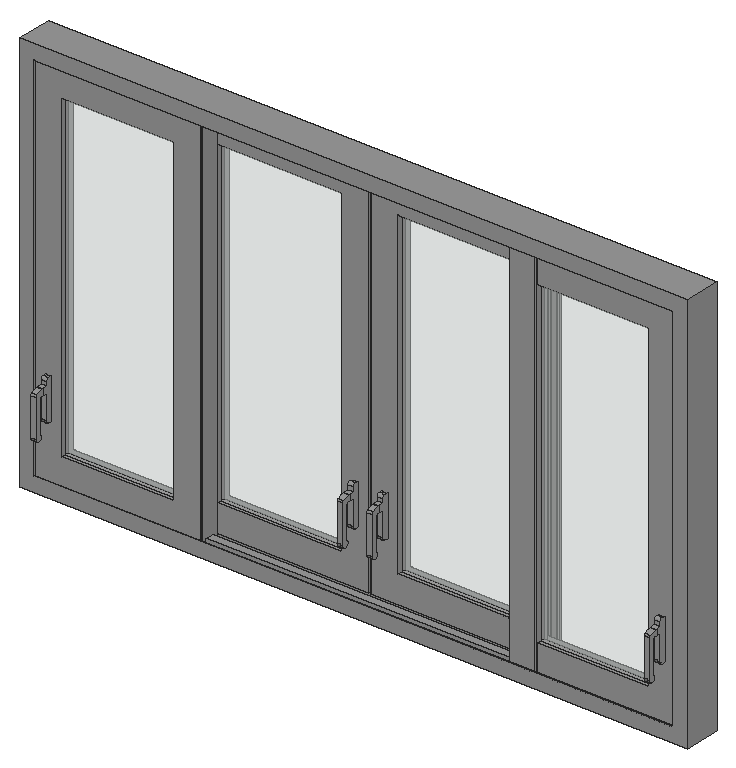
Revit family "2015_Ventana_Alugom_Matra-135RPT_Corredera-4-Hojas_JGJGJGJGJGGJG", category Ventanas, Revit 2015
Parameters (values of type "2460x1480 mm Corredera")
  𝑙𝑔 P2 = 0
  𝑙𝑔 P1 = 0
  𝑈𝑤 = 0
  𝑈𝑔 V2 = 0
  𝑈𝑔 V1 = 0
  𝑈𝑓 P2 = 0
  𝑈𝑓 P1 = 0
  𝐴𝑔 V2 = 0
  𝐴𝑔 V1 = 0
  𝐴𝑓 P2 = 0
  𝐴𝑓 P1 = 0
  a = 0
  Y𝑔 P2 = 0
  Y𝑔 P1 = 0
  VidaUtilEsperada = ""
  VersionElementoBIM = "1.0"  # constant formula
  UnidadMedicion = ""
  UnidadMantenimiento = ""
  Unidad = ""
  Uniclass2.0Titulo = "Accessible openings: Doors and hatches, French windows, sliding wall windows."  # constant formula
  Uniclass2.0Codigo = "30-00-00"  # constant formula
  URLProducto = ""
  UNSPSCTitulo = "Horizontal slider windows"  # constant formula
  UNSPSCCodigo = "30-17-16-07"  # constant formula
  TransmitanciaTermica = 3.7000 W/(m²·K)
  TrabajoMantenimiento = ""
  TipoEmbalajeProteccion = ""
  TiempoMedioEntreFallos = ""
  TelefonoContacto = "+34 91 616 47 27"  # constant formula
  SalidaEmergencia = yes
  ResistenciaFuego = ""
  ResistenciaAlViento = "Clase C5"  # constant formula
  ResiduosPeligrososPorUnidad = 0
  ResiduosPeligrosos = 0
  ResiduosNoPeligrososPorUnidad = 0
  ResiduosNoPeligrosos = 0
  ResiduoRadioactivoPorUnidad = 0
  ResiduoRadioactivo = 0
  ResiduoInertePorUnidad = 0
  ResiduoInerte = 0
  RepisaInterior = yes
  RepisaExterior = yes
  ReferenciaUnidadFuncional = ""
  ReferenciaLote = ""
  ReferenciaContacto = "Alugom"  # constant formula
  Referencia = ""
  PuntoDeContacto = ""
  Practicable = no
  Poliamida = Poliamida, Technoform Bautec, PA66 GF 25
  PermeabilidadAlAire = "Clase 3"  # constant formula
  PeriodoGarantia = ""
  Perimetro = (Anchura / 1.00 mm * 2) + (Altura / 1.00 mm * 2)  # 7880
  Oscilobatiente = no
  Operación = "Corredera"
  OmniclassTitulo = "Horizontal Sliding Windows"  # constant formula
  OmniclassCodigo = "23.30.20.17.14.14"  # constant formula
  NumeroSerie = ""
  NumeroArticuloGlobalComercial = ""
  NumeroArticulo = ""
  NormativaMantenimiento = ""
  NivelSeguridad = ""
  Motorizada = no
  Modelo = "Serie Martra 135RPT"  # constant formula
  MaterialEnvase = ""
  MaterialContenedor = ""
  MateriaPrima = 0
  MasterformatTitulo = "Aluminum Windows"  # constant formula
  MasterformatCodigo = "08 51 13"  # constant formula
  MasaSuperficialKgm2 = 0
  Marco = Aluminio
  Manija = yes
  LugarEnsamblaje = ""
  InstruccionesEspeciales = ""
  InformacionTecnica = ""
  IndiceGlobalRedAcusticaTr = "32 dBA"
  IndiceGlobalRedAcustica = ""
  IdentificadorGarantia = ""
  IFCClasificacion = ""
  GrosorMarco = 135.00 mm  # constant formula
  GrosorAcristalamiento = 22.00 mm  # constant formula
  GarantiaExtendida = ""
  FrecuenciaMantenimiento = ""
  FraccionAreaAcristalamiento = 0.00%
  FormacionFotoquimicaOzonoPorUnidad = 0
  FormacionFotoquimicaOzono = 0
  FechaVencimientoElementoBIM = "01/09/2017"  # constant formula
  FechaInstalacion = ""
  FechaInicioGarantia = ""
  FechaFinGarantia = ""
  FechaEvaluacion = ""
  FechaEmisionElementoBIM = "01/09/2016"  # constant formula
  FechaCompra = ""
  FaseCicloVida = ""
  FaltaDeRecursosPorUnidad = 0
  FaltaDeRecursos = 0
  FactorSombra = 0
  FactorSolarModificado = 30000000
  Fabricante = "Grupo ALUGOM"  # constant formula
  Exclusiones = ""
  EutrofizacionPorUnidad = 0
  Eutrofizacion = 0
  EtiquetaModelo = ""
  EstanqueidadAgua = "Clase 8A"  # constant formula
  Estado = ""
  EnergiaRenovableConsumidaPorUnidad = 0
  EnergiaRenovableConsumida = 0
  EnergiaPrimariaTotalConsumidaPorUnidad = 0
  EnergiaPrimariaTotalConsumida = 0
  EnergiaNoRenovableConsumidaPorUnidad = 0
  EnergiaNoRenovableConsumida = 0
  EmisionCO2 = 0
  EmailContacto = "alugom@alugom.com"  # constant formula
  DuracionVidaUtil = ""
  Detalle Perfileria = yes
  DestruccionCapaOzonoEstratosfericaPorUnidad = 0
  DestruccionCapaOzonoEstratosferica = 0
  DesfaseInterior = 0.00 mm
  DesfaseExterior = 0.00 mm
  Descripción = "Ventana Corredera"
  DescripcionEvaluacion = ""
  CosteMantenimiento = 0
  CosteEnergeticoMj = 0 J
  CosteEnergeticoKwh = 0
  Corredera = yes
  ControlHumos = no
  ContenidoGarantia = ""
  ConfiguracionPoliamidas = "215600 - 955100"  # constant formula
  CondicionesMantenimiento = ""
  CondicionesGeneralesDeContratacion = ""
  CondicionesEvaluacion = ""
  Comentarios de tipo = "Sistema de Ventana de 4 Hojas Rotura de Puente Térmico Serie Martra 135RPT Corredera"
  CodigoBedec = ""
  CodigoBarras = ""
  CertificadoMantenimiento = ""
  CerramientoExterior = yes
  CambioClimaticoPorUnidad = 0
  CambioClimatico = 0
  COBieCategoria = ""
  Aperturas Oscilobatiente [instance] = if(and(Aperturas, Oscilobatiente), 1 = 1, 1 = 0)  # no
  Aperturas [instance] = yes
  Anchura Real = if(Anchura > Anchura Máxima, Anchura Máxima, Anchura)  # 2460.00 mm
  Anchura Máxima = 4000.00 mm
  AnchoMarcoCentral = 108.00 mm  # constant formula
  AnchoMarco = 147.00 mm  # constant formula
  Altura Real = if(Altura > Altura Máxima, Altura Máxima, Altura)  # 1480.00 mm
  Altura Máxima = 2500.00 mm
  Altura = 1480.00 mm
  Bimetica = "http://www.bimetica.com"
  AñoProduccion = ""
  Autor = "Bimetica Parametric Design Services, S.L."  # constant formula
  Area = (Altura Real * Anchura Real)  # 3640800.00 mm²
  Altura de antepecho por defecto = 800.00 mm
  Cierre de muro = Por anfitrión
  Anchura = 2460.00 mm
  AguaConsumidaPorUnidad = 0
  AguaConsumida = 0
  Acristalamiento = Cristal - Vidrio claro templado
  AcidificacionAtmosfericaPorUnidad = 0
  AcidificacionAtmosferica = 0
  Acabado = ""
Reference planes
  plane 1 "Centro (Frontal/Posterior)": y = 35
  plane 2 "Centro (Izquierda/Derecha)": x = 0
  plane 3 "Izquierda": x = -1230
  plane 4 "Derecha": x = 1230
  plane 5 "Antepecho": z = 800
  plane 6 "Extremo inicial": z = 2280
  plane 7 "Interior": y = -100
  plane 8 "ASDAS": y = -100
  plane 9: x = -615
  plane 10: x = 615
Forms (mm)
  Sweep 1, solid, material "Aluminio" <- "Marco"
    path origin (0, -100, 0) x (1, 0, 0) y (0, 0, 1)
      loop
        line (1230, 800) -> (1230, 2280) -> (-1230, 2280) -> (-1230, 800) -> (1230, 800)
    profile origin (1230, -100, 1540) x (-1, 0, 0) y (0, -1, 0)
      loop
        line (56.001, -84.75) -> (45.2, -84.75) -> (45.2, -89.248) -> (25.9, -89.248) -> (25.9, -45.753) -> (45.2, -45.753) -> (45.2, -50.252) -> (56.001, -50.252) -> (56.001, -17.252) -> (45.2, -17.252) -> (45.2, -21.75) -> (25.9, -21.75) -> (25.9, -3.35) -> (53.001, -3.35) -> (53.001, 0) -> (0, 0) -> (0, -134.975) -> (23.234, -134.975)
        arc (23.234, -134.975) -> (25.284, -124.201) -> (25.9, -113.251) r 83.285
        line (25.9, -113.251) -> (45.2, -113.251) -> (45.2, -117.75) -> (56.001, -117.75) -> (56.001, -84.75)
  Sweep 2, solid, material "Aluminio" <- "Marco"
    path origin (0, -100, 0) x (1, 0, 0) y (0, 0, 1)
      loop
        line (-1230, 800) -> (-522, 800) -> (-522, 2280) -> (-1230, 2280) -> (-1230, 800)
    profile origin (-1230, -100, 1540) x (-1, 0, 0) y (0, -1, 0)
      loop
        line (-133.052, -31.502) -> (-133.052, -53.502) -> (-151.834, -53.502) -> (-147.002, -58.565) -> (-147.002, -60.252) -> (-47.001, -60.252) -> (-47.001, -54.589) -> (-51.337, -50.252) -> (-56.001, -50.252) -> (-56.001, -17.252) -> (-51.337, -17.252) -> (-47.001, -12.915) -> (-47.001, -7.251) -> (-147.002, -7.251) -> (-147.002, -23.77) -> (-151.834, -31.502) -> (-133.052, -31.502)
  Sweep 3, solid, material "Aluminio" <- "Marco"
    path origin (0, -100, 0) x (1, 0, 0) y (0, 0, 1)
      loop
        line (42.57, 800) -> (42.57, 2280) -> (-708, 2280) -> (-708, 800) -> (42.57, 800)
    profile origin (42.57, -100, 1540) x (-1, 0, 0) y (0, -1, 0)
      loop
        line (133.052, -120.999) -> (133.052, -98.999) -> (151.834, -98.999) -> (147.002, -91.267) -> (147.002, -74.748) -> (47.001, -74.748) -> (47.001, -80.411) -> (51.337, -84.748) -> (56.001, -84.748) -> (56.001, -117.748) -> (51.337, -117.748) -> (47.001, -122.085) -> (47.001, -127.749) -> (147.002, -127.749) -> (147.002, -126.062) -> (151.834, -120.999) -> (133.052, -120.999)
  Extrusion 4, solid, material "Aluminio" <- "Marco"
    sketch origin (0, 0, 800) x (0, -1, 0) y (1, 0, 0)
      loop
        line (-27.749, -660.999) -> (-27.749, -669.001) -> (33.752, -669.001) -> (33.752, -628.153) -> (39.748, -628.153) -> (39.748, -569.001) -> (92.749, -569.001) -> (92.749, -560.999) -> (31.248, -560.999) -> (31.248, -601.847) -> (25.252, -601.847) -> (25.252, -660.999) -> (-27.749, -660.999)
      loop
        line (-27.749, 569.001) -> (-27.749, 560.999) -> (33.752, 560.999) -> (33.752, 601.847) -> (39.748, 601.847) -> (39.748, 660.999) -> (92.749, 660.999) -> (92.749, 669.001) -> (31.248, 669.001) -> (31.248, 628.153) -> (25.252, 628.153) -> (25.252, 569.001) -> (-27.749, 569.001)
      loop
        line (-17.749, 4.427) -> (-27.749, 4.427) -> (-27.749, 1.572) -> (-17.749, 1.572) -> (-17.749, -13.431) -> (15.252, -13.431) -> (15.252, 1.572) -> (25.252, 1.572) -> (25.252, 4.427) -> (15.251, 4.427) -> (15.251, 13.427) -> (-17.749, 13.427) -> (-17.749, 4.427)
    from 47.001 to 1432.999
  Extrusion 5, solid, material "Cristal - Vidrio claro templado" <- "Acristalamiento"
    sketch origin (0, 0, 800) x (0, -1, 0) y (1, 0, 0)
      loop
        line (46.498, -1096.948) -> (68.498, -1096.948) -> (68.498, -655.052) -> (46.498, -655.052) -> (46.498, -1096.948)
      loop
        line (1.001, -574.948) -> (1.001, -90.482) -> (-20.999, -90.482) -> (-20.999, -574.948) -> (1.001, -574.948)
      loop
        line (46.498, 1096.948) -> (46.498, 655.052) -> (68.498, 655.052) -> (68.498, 1096.948) -> (46.498, 1096.948)
      loop
        line (1.001, 574.948) -> (-20.999, 574.948) -> (-20.999, 90.482) -> (1.001, 90.482) -> (1.001, 574.948)
    from 133.05 to 1346.95
  Extrusion 6, solid, material "Aluminio" <- "Marco", visible <- "Manija", detail levels fine
    sketch origin (-1230, 0, 100) x (0, -1, 0) y (0, 0, 1)
      loop
        line (92.749, 950) -> (102.749, 950)
        arc (102.749, 950) -> (109.82, 952.929) -> (112.749, 960) r 10
        line (112.749, 960) -> (112.749, 1050.581) -> (130.875, 1053.452) -> (130.875, 1073.452) -> (112.749, 1076.323) -> (112.749, 1090)
        arc (112.749, 1090) -> (109.82, 1097.071) -> (102.749, 1100) r 10
        line (102.749, 1100) -> (92.749, 1100) -> (92.749, 950)
    from -110 to -90
  Extrusion 7, solid, material "Aluminio" <- "Marco", visible <- "Manija", detail levels fine
    sketch origin (-1230, 0, 100) x (0, -1, 0) y (0, 0, 1)
      loop
        line (130.875, 1053.452) -> (140.875, 1053.452)
        arc (140.875, 1053.452) -> (144.411, 1051.988) -> (145.875, 1048.452) r 5
        line (145.875, 1048.452) -> (145.875, 927.519)
        arc (145.875, 927.519) -> (145.254, 909.55) -> (160.875, 918.452) r 10.295
        line (160.875, 918.452) -> (160.875, 1059.132)
        arc (160.875, 1059.132) -> (159.812, 1062.737) -> (157.221, 1065.461) r 8.011
        arc (157.221, 1065.461) -> (144.411, 1070.651) -> (130.875, 1073.452) r 76.54
        line (130.875, 1073.452) -> (130.875, 1053.452)
    from -90 to -110
  Extrusion 8, solid, material "Aluminio" <- "Marco", visible <- "Manija", detail levels fine
    sketch origin (1230, 67.497, 0) x (0, -1, 0) y (0, 0, 1)
      loop
        line (160.246, 1050) -> (170.246, 1050)
        arc (170.246, 1050) -> (177.317, 1052.929) -> (180.246, 1060) r 10
        line (180.246, 1060) -> (180.246, 1150.581) -> (198.372, 1153.452) -> (198.372, 1173.452) -> (180.246, 1176.323) -> (180.246, 1190)
        arc (180.246, 1190) -> (177.317, 1197.071) -> (170.246, 1200) r 10
        line (170.246, 1200) -> (160.246, 1200) -> (160.246, 1050)
    from 110 to 90
  Extrusion 9, solid, material "Aluminio" <- "Marco", visible <- "Manija", detail levels fine
    sketch origin (1230, 67.497, 0) x (0, -1, 0) y (0, 0, 1)
      loop
        line (198.372, 1153.452) -> (208.372, 1153.452)
        arc (208.372, 1153.452) -> (211.907, 1151.988) -> (213.372, 1148.452) r 5
        line (213.372, 1148.452) -> (213.372, 1027.519)
        arc (213.372, 1027.519) -> (212.751, 1009.55) -> (228.372, 1018.452) r 10.295
        line (228.372, 1018.452) -> (228.372, 1159.132)
        arc (228.372, 1159.132) -> (227.309, 1162.737) -> (224.718, 1165.461) r 8.011
        arc (224.718, 1165.461) -> (211.907, 1170.651) -> (198.372, 1173.452) r 76.54
        line (198.372, 1173.452) -> (198.372, 1153.452)
    from 90 to 110
  Sweep 10, solid, material "Aluminio" <- "Marco"
    path origin (0, -100, 0) x (1, 0, 0) y (0, 0, 1)
      loop
        line (1230, 800) -> (1230, 2280) -> (522, 2280) -> (522, 800) -> (1230, 800)
    profile origin (1230, -100, 1540) x (-1, 0, 0) y (0, -1, 0)
      loop
        line (133.052, -53.502) -> (133.052, -31.502) -> (151.834, -31.502) -> (147.002, -23.77) -> (147.002, -7.251) -> (47.001, -7.251) -> (47.001, -12.915) -> (51.337, -17.252) -> (56.001, -17.252) -> (56.001, -50.252) -> (51.337, -50.252) -> (47.001, -54.589) -> (47.001, -60.252) -> (147.002, -60.252) -> (147.002, -58.565) -> (151.834, -53.502) -> (133.052, -53.502)
  Sweep 11, solid, material "Aluminio" <- "Marco"
    path origin (0, -100, 0) x (1, 0, 0) y (0, 0, 1)
      loop
        line (-42.57, 800) -> (708, 800) -> (708, 2280) -> (-42.57, 2280) -> (-42.57, 800)
    profile origin (-42.57, -100, 1540) x (-1, 0, 0) y (0, -1, 0)
      loop
        line (-133.049, -98.999) -> (-133.049, -120.999) -> (-151.83, -120.999) -> (-146.999, -126.062) -> (-146.999, -127.749) -> (-46.997, -127.749) -> (-46.997, -122.086) -> (-51.334, -117.749) -> (-55.997, -117.749) -> (-55.997, -84.749) -> (-51.334, -84.749) -> (-46.997, -80.412) -> (-46.997, -74.748) -> (-146.999, -74.748) -> (-146.999, -91.267) -> (-151.83, -98.999) -> (-133.049, -98.999)
  Extrusion 12, solid, material "Aluminio" <- "Marco", visible <- "Manija", detail levels fine
    sketch origin (0, 0, 0) x (0, -1, 0) y (0, 0, 1)
      loop
        line (25.252, 1050) -> (35.252, 1050)
        arc (35.252, 1050) -> (42.323, 1052.929) -> (45.252, 1060) r 10
        line (45.252, 1060) -> (45.252, 1150.581) -> (63.378, 1153.452) -> (63.378, 1173.452) -> (45.252, 1176.323) -> (45.252, 1190)
        arc (45.252, 1190) -> (42.323, 1197.071) -> (35.252, 1200) r 10
        line (35.252, 1200) -> (25.252, 1200) -> (25.252, 1050)
    from -64.43 to -44.43
  Extrusion 13, solid, material "Aluminio" <- "Marco", visible <- "Manija", detail levels fine
    sketch origin (0, 0, 0) x (0, -1, 0) y (0, 0, 1)
      loop
        line (63.378, 1153.452) -> (73.378, 1153.452)
        arc (73.378, 1153.452) -> (76.914, 1151.988) -> (78.378, 1148.452) r 5
        line (78.378, 1148.452) -> (78.378, 1027.519)
        arc (78.378, 1027.519) -> (77.757, 1009.55) -> (93.378, 1018.452) r 10.295
        line (93.378, 1018.452) -> (93.378, 1159.132)
        arc (93.378, 1159.132) -> (92.315, 1162.737) -> (89.724, 1165.461) r 8.011
        arc (89.724, 1165.461) -> (76.914, 1170.651) -> (63.378, 1173.452) r 76.54
        line (63.378, 1173.452) -> (63.378, 1153.452)
    from -44.43 to -64.43
  Extrusion 14, solid, material "Aluminio" <- "Marco", visible <- "Manija", detail levels fine
    sketch origin (0, 0, 250) x (0, -1, 0) y (0, 0, 1)
      loop
        line (25.252, 800) -> (35.252, 800)
        arc (35.252, 800) -> (42.323, 802.929) -> (45.252, 810) r 10
        line (45.252, 810) -> (45.252, 900.581) -> (63.378, 903.452) -> (63.378, 923.452) -> (45.252, 926.323) -> (45.252, 940)
        arc (45.252, 940) -> (42.323, 947.071) -> (35.252, 950) r 10
        line (35.252, 950) -> (25.252, 950) -> (25.252, 800)
    from 64.43 to 44.43
  Extrusion 15, solid, material "Aluminio" <- "Marco", visible <- "Manija", detail levels fine
    sketch origin (0, 0, 250) x (0, -1, 0) y (0, 0, 1)
      loop
        line (63.378, 903.452) -> (73.378, 903.452)
        arc (73.378, 903.452) -> (76.914, 901.988) -> (78.378, 898.452) r 5
        line (78.378, 898.452) -> (78.378, 777.519)
        arc (78.378, 777.519) -> (77.757, 759.55) -> (93.378, 768.452) r 10.295
        line (93.378, 768.452) -> (93.378, 909.132)
        arc (93.378, 909.132) -> (92.315, 912.737) -> (89.724, 915.461) r 8.011
        arc (89.724, 915.461) -> (76.914, 920.651) -> (63.378, 923.452) r 76.54
        line (63.378, 923.452) -> (63.378, 903.452)
    from 44.43 to 64.43
Lines and regions (mm)
  Opening 1
    outline origin (3500, -100, 0) x (1, 0, 0) y (0, 0, 1)
      loop
        line (-2270, 800) -> (-2270, 2280) -> (-4730, 2280) -> (-4730, 800) -> (-2270, 800)
  symbolic lines, style "WindowsGlassProjection", detail levels medium+fine
    curve 1: line (-1096.948, -68.498, 800) -> (-655.051, -68.498, 800)
    curve 2: line (-1096.948, -46.498, 800) -> (-1096.948, -68.498, 800)
    curve 3: line (-655.051, -46.498, 800) -> (-1096.948, -46.498, 800)
    curve 4: line (-655.051, -68.498, 800) -> (-655.051, -46.498, 800)
    curve 5: line (-574.949, -1.001, 800) -> (-90.482, -1.001, 800)
    curve 6: line (-574.949, 20.999, 800) -> (-574.949, -1.001, 800)
    curve 7: line (-90.482, 20.999, 800) -> (-574.949, 20.999, 800)
    curve 8: line (-90.482, -1.001, 800) -> (-90.482, 20.999, 800)
    curve 13: line (-1230, -46.498, 2146.95) -> (-1230, -68.498, 2146.95)
    curve 14: line (-1230, -46.498, 933.05) -> (-1230, -46.498, 2146.95)
    curve 15: line (-1230, -68.498, 933.05) -> (-1230, -46.498, 933.05)
    curve 16: line (-1230, -68.498, 2146.95) -> (-1230, -68.498, 933.05)
    curve 17: line (-1230, -64.098, 2146.95) -> (-1230, -64.098, 933.05)
    curve 18: line (-1230, -50.898, 933.05) -> (-1230, -50.898, 2146.95)
    curve 27: line (1096.948, -68.498, 800) -> (655.051, -68.498, 800)
    curve 28: line (1096.948, -46.498, 800) -> (1096.948, -68.498, 800)
    curve 29: line (655.051, -46.498, 800) -> (1096.948, -46.498, 800)
    curve 30: line (655.051, -68.498, 800) -> (655.051, -46.498, 800)
    curve 31: line (574.949, -1.001, 800) -> (90.482, -1.001, 800)
    curve 32: line (574.949, 20.999, 800) -> (574.949, -1.001, 800)
    curve 33: line (90.482, 20.999, 800) -> (574.949, 20.999, 800)
    curve 34: line (90.482, -1.001, 800) -> (90.482, 20.999, 800)
  symbolic lines, style "WindowsGlassProjection", detail levels fine
    curve 9: line (-1096.948, -64.098, 800) -> (-655.051, -64.098, 800)
    curve 10: line (-655.051, -50.898, 800) -> (-1096.948, -50.898, 800)
    curve 11: line (-574.949, 3.399, 800) -> (-90.482, 3.399, 800)
    curve 12: line (-90.482, 16.599, 800) -> (-574.949, 16.599, 800)
    curve 35: line (1096.948, -64.098, 800) -> (655.051, -64.098, 800)
    curve 36: line (655.051, -50.898, 800) -> (1096.948, -50.898, 800)
    curve 37: line (574.949, 3.399, 800) -> (90.482, 3.399, 800)
    curve 38: line (90.482, 16.599, 800) -> (574.949, 16.599, 800)
  symbolic lines, style "Batiente de alzado", visible <- "Aperturas"
    curve 19: line (922.5, -100, 1293.333) -> (922.5, -100, 1786.667)
    curve 20: line (922.5, -100, 1786.667) -> (797.608, -100, 1786.667)
    curve 21: line (797.608, -100, 1786.667) -> (840.035, -100, 1829.093)
    curve 22: line (797.608, -100, 1786.667) -> (840.035, -100, 1744.24)
    curve 23: line (-922.5, -100, 1293.333) -> (-922.5, -100, 1786.667)
    curve 24: line (-922.5, -100, 1786.667) -> (-797.608, -100, 1786.667)
    curve 25: line (-797.608, -100, 1786.667) -> (-840.035, -100, 1829.093)
    curve 26: line (-797.608, -100, 1786.667) -> (-840.035, -100, 1744.24)
    curve 39: line (-307.5, -100, 1293.333) -> (-307.5, -100, 1786.667)
    curve 40: line (-307.5, -100, 1786.667) -> (-432.392, -100, 1786.667)
    curve 41: line (-432.392, -100, 1786.667) -> (-389.965, -100, 1829.093)
    curve 42: line (-432.392, -100, 1786.667) -> (-389.965, -100, 1744.24)
    curve 43: line (307.5, -100, 1293.333) -> (307.5, -100, 1786.667)
    curve 44: line (307.5, -100, 1786.667) -> (432.392, -100, 1786.667)
    curve 45: line (432.392, -100, 1786.667) -> (389.965, -100, 1829.093)
    curve 46: line (432.392, -100, 1786.667) -> (389.965, -100, 1744.24)
Text (mm)
  text "EXTERIOR" at (-1963.203, 1332.353, 0), in view "Nivel de referencia"
  text "INTERIOR" at (-1981.466, -818.386, 0), in view "Nivel de referencia"
  text "Exterior" at (0, 923.751, 2943.296), in view "Derecha"
  text "Exterior" at (0, 1040.484, 2685.409), in view "Izquierda"
Dimensions and locks
  equal spacing: plane 3 "Izquierda", plane 2 "Centro (Izquierda/Derecha)", plane 4 "Derecha"
  "Anchura Real": plane 3 "Izquierda" to plane 4 "Derecha"
  "Altura Real": plane 5 "Antepecho" to plane 6 "Extremo inicial"
  "Altura de antepecho por defecto": plane 5 "Antepecho" to level
  "DesfaseInterior": plane 8 "ASDAS" to plane 7 "Interior"
  "DesfaseExterior": host wall to plane 7 "Interior"
  "GrosorMarco": plane 8 "ASDAS" to plane 1 "Centro (Frontal/Posterior)"
  profile plane to Sweep 1 sketch curve to Sweep 1 sketch curve to Sweep 1 sketch curve to Sweep 1 sketch curve to Sweep 1 sketch curve to Sweep 1 sketch curve to Sweep 1 sketch curve to Sweep 1 sketch curve to Sweep 1 sketch curve to Sweep 1 sketch curve = 3.35 mm locked, 13.901 mm locked, 4.499 mm locked, 24.003 mm locked, 4.499 mm locked, 34.498 mm locked, 4.499 mm locked, 24.003 mm locked, 4.499 mm locked, 17.225 mm locked
  Sweep 1 sketch curve to Sweep 1 sketch curve to Sweep 1 sketch curve to Sweep 1 sketch curve to Sweep 1 sketch curve to Sweep 1 sketch curve to Sweep 1 sketch curve to Sweep 1 sketch curve to Sweep 1 sketch curve to Sweep 1 sketch curve to profile plane = 0.00 mm, 3.00 mm, 7.80 mm locked, 0.00 mm locked, 0.00 mm locked, 0.00 mm locked, 19.30 mm locked, 0.00 mm locked, 2.666 mm locked, 23.234 mm locked
  Extrusion 4 sketch curve to Extrusion 4 sketch curve to Extrusion 4 sketch curve to plane 9 = 8.002 mm locked, 32.847 mm locked, 13.153 mm locked
  plane 9 to Extrusion 4 sketch curve to Extrusion 4 sketch curve to Extrusion 4 sketch curve = 13.153 mm locked, 32.847 mm locked, 8.002 mm locked
  plane 8 "ASDAS" to Extrusion 4 sketch curve to Extrusion 4 sketch curve to Extrusion 4 sketch curve to Extrusion 4 sketch curve to Extrusion 4 sketch curve to Extrusion 4 sketch curve = 7.251 mm locked, 53.001 mm locked, 5.996 mm locked, 2.503 mm locked, 5.996 mm locked, 53.001 mm locked  (x2)
  locked: plane 3 "Izquierda" to Extrusion 5 sketch curve at 133.052
  locked: plane 8 "ASDAS" to Extrusion 5 sketch curve at 31.502  (x2)
  locked: plane 8 "ASDAS" to Extrusion 5 sketch curve at 98.999  (x2)
  locked: Extrusion 5 to plane 5 "Antepecho" at 133.05
  locked: plane 6 "Extremo inicial" to Extrusion 5 at 133.05
  plane 5 "Antepecho" to Extrusion 6 sketch curve to Extrusion 6 sketch curve to Extrusion 6 sketch curve to Extrusion 6 sketch curve to Extrusion 6 sketch curve to Extrusion 6 sketch curve to Extrusion 6 sketch curve to Extrusion 6 sketch curve = 250.00 mm locked, 10.00 mm locked, 90.581 mm locked, 2.871 mm locked, 20.00 mm locked, 2.871 mm locked, 13.677 mm locked, 10.00 mm locked
  Extrusion 6 sketch curve to plane 8 "ASDAS" to Extrusion 6 sketch curve to Extrusion 6 sketch curve to Extrusion 6 sketch curve = 7.251 mm locked, 12.749 mm locked, 0.00 mm locked, 18.126 mm locked
  plane 5 "Antepecho" to Extrusion 7 sketch curve to Extrusion 7 sketch curve to Extrusion 7 sketch curve to Extrusion 7 sketch curve to Extrusion 7 sketch curve to Extrusion 7 sketch curve to Extrusion 7 sketch curve = 218.361 mm locked, 9.158 mm locked, 69.888 mm locked, 51.046 mm locked, 5.00 mm locked, 5.28 mm locked, 14.72 mm locked
  plane 8 "ASDAS" to Extrusion 7 sketch curve to Extrusion 7 sketch curve to Extrusion 7 sketch curve to Extrusion 7 sketch curve to Extrusion 7 sketch curve to Extrusion 7 sketch curve to Extrusion 7 sketch curve = 22.193 mm locked, 8.682 mm locked, 10.00 mm locked, 5.00 mm locked, 4.705 mm locked, 2.294 mm locked, 8.001 mm locked
  plane 3 "Izquierda" to Extrusion 6 to Extrusion 6 = 90.00 mm locked, 20.00 mm locked
  plane 3 "Izquierda" to Extrusion 7 to Extrusion 7 = 90.00 mm locked, 20.00 mm locked
  plane 5 "Antepecho" to Extrusion 8 sketch curve to Extrusion 8 sketch curve to Extrusion 8 sketch curve to Extrusion 8 sketch curve to Extrusion 8 sketch curve to Extrusion 8 sketch curve to Extrusion 8 sketch curve to Extrusion 8 sketch curve = 250.00 mm locked, 10.00 mm locked, 90.581 mm locked, 2.871 mm locked, 20.00 mm locked, 2.871 mm locked, 13.677 mm locked, 10.00 mm locked
  Extrusion 8 sketch curve to plane 8 "ASDAS" to Extrusion 8 sketch curve to Extrusion 8 sketch curve to Extrusion 8 sketch curve = 7.251 mm locked, 12.749 mm, 0.00 mm locked, 18.126 mm locked
  plane 5 "Antepecho" to Extrusion 9 sketch curve to Extrusion 9 sketch curve to Extrusion 9 sketch curve to Extrusion 9 sketch curve to Extrusion 9 sketch curve to Extrusion 9 sketch curve to Extrusion 9 sketch curve = 218.361 mm locked, 9.158 mm locked, 69.888 mm locked, 51.046 mm locked, 5.00 mm locked, 5.28 mm locked, 14.72 mm locked
  plane 8 "ASDAS" to Extrusion 9 sketch curve to Extrusion 9 sketch curve to Extrusion 9 sketch curve to Extrusion 9 sketch curve to Extrusion 9 sketch curve to Extrusion 9 sketch curve to Extrusion 9 sketch curve = 22.193 mm locked, 8.682 mm locked, 10.00 mm locked, 5.00 mm locked, 4.705 mm locked, 2.294 mm locked, 8.001 mm locked
  Extrusion 8 to Extrusion 8 to plane 4 "Derecha" = 20.00 mm locked, 90.00 mm locked
  Extrusion 9 to Extrusion 9 to plane 4 "Derecha" = 20.00 mm locked, 90.00 mm locked
  locked: plane 3 "Izquierda" to curve 2 at 133.052
  plane 8 "ASDAS" to curve 1 to curve 9 to curve 10 to curve 3 = 31.502 mm locked, 4.40 mm locked, 13.20 mm locked, 4.40 mm locked
  plane 8 "ASDAS" to curve 5 to curve 11 to curve 12 to curve 7 = 98.999 mm locked, 4.40 mm locked, 13.20 mm locked, 4.40 mm locked
  locked: plane 5 "Antepecho" to curve 15 at 133.05
  locked: curve 13 to plane 6 "Extremo inicial" at 133.05
  curve 14 to curve 18 to curve 17 to curve 16 to plane 8 "ASDAS" = 4.40 mm locked, 13.20 mm locked, 4.40 mm locked, 31.502 mm locked
  profile plane to Sweep 3 sketch curve to Sweep 3 sketch curve to Sweep 3 sketch curve to Sweep 3 sketch curve to Sweep 3 sketch curve to Sweep 3 sketch curve to Sweep 3 sketch curve to Sweep 3 sketch curve to Sweep 3 sketch curve to Sweep 3 sketch curve = 74.748 mm locked, 5.664 mm locked, 4.337 mm locked, 6.519 mm locked, 7.732 mm locked, 18.75 mm locked, 3.25 mm locked, 1.086 mm locked, 3.976 mm locked, 1.687 mm locked
  Sweep 3 sketch curve to Sweep 3 sketch curve to Sweep 3 sketch curve to Sweep 3 sketch curve to Sweep 3 sketch curve to Sweep 3 sketch curve to Sweep 3 sketch curve to Sweep 3 sketch curve to Sweep 3 sketch curve to Sweep 3 sketch curve to profile plane = 0.00 mm locked, 4.831 mm locked, 0.00 mm locked, 13.95 mm locked, 77.052 mm locked, 4.663 mm locked, 0.00 mm locked, 4.337 mm locked, 0.00 mm locked, 47.001 mm locked
  profile plane to Sweep 2 sketch curve to Sweep 2 sketch curve to Sweep 2 sketch curve to Sweep 2 sketch curve to Sweep 2 sketch curve to Sweep 2 sketch curve to Sweep 2 sketch curve to Sweep 2 sketch curve to Sweep 2 sketch curve to Sweep 2 sketch curve = 7.251 mm locked, 5.664 mm locked, 4.337 mm locked, 6.519 mm locked, 7.732 mm locked, 18.75 mm locked, 3.25 mm locked, 1.086 mm locked, 3.976 mm locked, 1.687 mm locked
  profile plane to Sweep 2 sketch curve to Sweep 2 sketch curve to Sweep 2 sketch curve to Sweep 2 sketch curve to Sweep 2 sketch curve to Sweep 2 sketch curve to Sweep 2 sketch curve to Sweep 2 sketch curve to Sweep 2 sketch curve to Sweep 2 sketch curve = 47.001 mm locked, 0.00 mm locked, 4.337 mm locked, 0.00 mm locked, 4.663 mm locked, 77.052 mm locked, 13.95 mm locked, 0.00 mm locked, 4.831 mm locked, 0.00 mm locked
  equal spacing: plane 6 "Extremo inicial", curve 20, curve 19, plane 5 "Antepecho"
  curve 19 to curve 22 to curve 21 to curve 22 = 82.465 mm locked, 0.00 mm locked, 42.426 mm locked
  curve 21 to curve 20 to curve 22 = 42.426 mm locked, 42.426 mm locked
  equal spacing: plane 6 "Extremo inicial", curve 24, curve 23, plane 5 "Antepecho"
  curve 23 to curve 26 to curve 25 to curve 26 = 82.465 mm locked, 0.00 mm locked, 42.426 mm locked
  curve 25 to curve 24 to curve 26 = 42.426 mm locked, 42.426 mm locked
  "GrosorAcristalamiento": Extrusion 5 to Extrusion 5  (x2)
  locked: Sweep 2 sketch curve to plane 9 at 93
  locked: plane 9 to Sweep 3 sketch curve at 93
  equal spacing: plane 3 "Izquierda", curve 23, plane 9
  equal spacing: plane 10, curve 19, plane 4 "Derecha"
  Extrusion 4 sketch curve to Extrusion 4 sketch curve to Extrusion 4 sketch curve to plane 10 = 8.002 mm locked, 32.847 mm locked, 13.153 mm locked
  plane 10 to Extrusion 4 sketch curve to Extrusion 4 sketch curve to Extrusion 4 sketch curve = 13.153 mm locked, 32.847 mm locked, 8.002 mm locked
  locked: plane 7 "Interior" to nested 11 at 67.503
  locked: plane 2 "Centro (Izquierda/Derecha)" to Sweep 3 sketch curve at 42.57
  locked: Sweep 10 sketch curve to plane 10 at 93
  profile plane to Sweep 10 sketch curve to Sweep 10 sketch curve to Sweep 10 sketch curve to Sweep 10 sketch curve to Sweep 10 sketch curve to Sweep 10 sketch curve to Sweep 10 sketch curve to Sweep 10 sketch curve to Sweep 10 sketch curve to Sweep 10 sketch curve = 7.251 mm locked, 5.664 mm locked, 4.337 mm locked, 6.519 mm locked, 7.732 mm locked, 18.75 mm locked, 3.25 mm locked, 1.086 mm locked, 3.976 mm locked, 1.687 mm locked
  Sweep 10 sketch curve to Sweep 10 sketch curve to Sweep 10 sketch curve to Sweep 10 sketch curve to Sweep 10 sketch curve to Sweep 10 sketch curve to Sweep 10 sketch curve to Sweep 10 sketch curve to Sweep 10 sketch curve to Sweep 10 sketch curve to profile plane = 0.00 mm locked, 4.831 mm locked, 0.00 mm locked, 13.95 mm locked, 77.052 mm locked, 4.663 mm locked, 0.00 mm locked, 4.337 mm locked, 0.00 mm locked, 47.001 mm locked
  locked: plane 10 to Sweep 11 sketch curve at 93
  profile plane to Sweep 11 sketch curve to Sweep 11 sketch curve to Sweep 11 sketch curve to Sweep 11 sketch curve to Sweep 11 sketch curve to Sweep 11 sketch curve to Sweep 11 sketch curve to Sweep 11 sketch curve to Sweep 11 sketch curve = 74.748 mm, 5.664 mm locked, 4.337 mm locked, 6.519 mm locked, 7.732 mm locked, 18.75 mm locked, 3.25 mm locked, 1.086 mm locked, 5.664 mm locked
  profile plane to Sweep 11 sketch curve to Sweep 11 sketch curve to Sweep 11 sketch curve to Sweep 11 sketch curve to Sweep 11 sketch curve to Sweep 11 sketch curve to Sweep 11 sketch curve to Sweep 11 sketch curve to Sweep 11 sketch curve to Sweep 11 sketch curve = 46.997 mm locked, 0.00 mm locked, 4.337 mm locked, 0.00 mm locked, 4.663 mm locked, 77.052 mm locked, 13.95 mm locked, 0.00 mm locked, 4.831 mm locked, 0.00 mm locked
  Extrusion 4 sketch curve to plane 2 "Centro (Izquierda/Derecha)" to Extrusion 4 sketch curve to Extrusion 4 sketch curve to Extrusion 4 sketch curve to Extrusion 4 sketch curve to Extrusion 4 sketch curve = 13.431 mm locked, 1.572 mm locked, 0.00 mm locked, 2.855 mm locked, 0.00 mm locked, 9.00 mm locked
  plane 7 "Interior" to Extrusion 4 sketch curve to Extrusion 4 sketch curve to Extrusion 4 sketch curve to Extrusion 4 sketch curve to Extrusion 4 sketch curve to Extrusion 4 sketch curve = 74.748 mm locked, 10.00 mm locked, 0.00 mm locked, 33.00 mm locked, 0.00 mm locked, 10.00 mm locked
  Extrusion 5 sketch curve to plane 9 to Extrusion 5 sketch curve = 40.052 mm locked, 40.052 mm locked
  Extrusion 5 sketch curve to plane 2 "Centro (Izquierda/Derecha)" to Extrusion 5 sketch curve = 90.482 mm locked, 90.482 mm locked
  Extrusion 5 sketch curve to plane 10 to Extrusion 5 sketch curve = 40.052 mm locked, 40.052 mm locked
  locked: Extrusion 5 sketch curve to plane 4 "Derecha" at 133.052
  plane 8 "ASDAS" to curve 27 to curve 35 to curve 36 to curve 29 = 31.502 mm locked, 4.40 mm locked, 13.20 mm locked, 4.40 mm locked
  plane 8 "ASDAS" to curve 31 to curve 37 to curve 38 to curve 33 = 98.999 mm locked, 4.40 mm locked, 13.20 mm locked, 4.40 mm locked
  curve 4 to plane 9 to curve 6 = 40.051 mm locked, 40.051 mm locked
  curve 8 to plane 2 "Centro (Izquierda/Derecha)" to curve 34 = 90.482 mm locked, 90.482 mm locked
  curve 32 to plane 10 to curve 30 = 40.051 mm locked, 40.051 mm locked
  locked: curve 28 to plane 4 "Derecha" at 133.052
  equal spacing: plane 6 "Extremo inicial", curve 40, curve 39, plane 5 "Antepecho"
  curve 39 to curve 42 to curve 41 to curve 42 = 82.465 mm locked, 0.00 mm locked, 42.426 mm locked
  curve 41 to curve 40 to curve 42 = 42.426 mm locked, 42.426 mm locked
  equal spacing: plane 2 "Centro (Izquierda/Derecha)", curve 39, plane 9
  equal spacing: plane 6 "Extremo inicial", curve 44, curve 43, plane 5 "Antepecho"
  curve 43 to curve 46 to curve 45 to curve 46 = 82.465 mm locked, 0.00 mm locked, 42.426 mm locked
  curve 45 to curve 44 to curve 46 = 42.426 mm locked, 42.426 mm locked
  equal spacing: plane 2 "Centro (Izquierda/Derecha)", curve 43, plane 10
  plane 5 "Antepecho" to Extrusion 12 sketch curve to Extrusion 12 sketch curve to Extrusion 12 sketch curve to Extrusion 12 sketch curve to Extrusion 12 sketch curve to Extrusion 12 sketch curve to Extrusion 12 sketch curve to Extrusion 12 sketch curve = 250.00 mm locked, 10.00 mm locked, 90.581 mm locked, 2.871 mm locked, 20.00 mm locked, 2.871 mm locked, 13.677 mm locked, 10.00 mm locked
  Extrusion 12 sketch curve to Extrusion 12 sketch curve to Extrusion 12 sketch curve to Extrusion 12 sketch curve to plane 7 "Interior" = 20.00 mm locked, 0.00 mm locked, 18.126 mm locked, 36.622 mm locked
  plane 5 "Antepecho" to Extrusion 13 sketch curve to Extrusion 13 sketch curve to Extrusion 13 sketch curve to Extrusion 13 sketch curve to Extrusion 13 sketch curve to Extrusion 13 sketch curve to Extrusion 13 sketch curve = 218.361 mm locked, 9.158 mm locked, 69.888 mm locked, 51.046 mm locked, 5.00 mm locked, 5.28 mm locked, 14.72 mm locked
  Extrusion 13 sketch curve to Extrusion 13 sketch curve to Extrusion 13 sketch curve to Extrusion 13 sketch curve to Extrusion 13 sketch curve to Extrusion 13 sketch curve to Extrusion 13 sketch curve to plane 7 "Interior" = 8.682 mm locked, 10.00 mm locked, 5.00 mm locked, 4.705 mm locked, 2.294 mm locked, 8.001 mm locked, 6.622 mm locked
  plane 2 "Centro (Izquierda/Derecha)" to Extrusion 12 to Extrusion 12 = 44.43 mm locked, 20.00 mm locked
  plane 2 "Centro (Izquierda/Derecha)" to Extrusion 13 to Extrusion 13 = 44.43 mm locked, 20.00 mm locked
  plane 5 "Antepecho" to Extrusion 14 sketch curve to Extrusion 14 sketch curve to Extrusion 14 sketch curve to Extrusion 14 sketch curve to Extrusion 14 sketch curve to Extrusion 14 sketch curve to Extrusion 14 sketch curve to Extrusion 14 sketch curve = 250.00 mm locked, 10.00 mm locked, 90.581 mm locked, 2.871 mm locked, 20.00 mm locked, 2.871 mm locked, 13.677 mm locked, 10.00 mm locked
  Extrusion 14 sketch curve to Extrusion 14 sketch curve to Extrusion 14 sketch curve to Extrusion 14 sketch curve to plane 7 "Interior" = 20.00 mm locked, 0.00 mm locked, 18.126 mm locked, 36.622 mm locked
  plane 5 "Antepecho" to Extrusion 15 sketch curve to Extrusion 15 sketch curve to Extrusion 15 sketch curve to Extrusion 15 sketch curve to Extrusion 15 sketch curve to Extrusion 15 sketch curve to Extrusion 15 sketch curve = 218.361 mm locked, 9.158 mm locked, 69.888 mm locked, 51.046 mm locked, 5.00 mm locked, 5.28 mm locked, 14.72 mm locked
  Extrusion 15 sketch curve to Extrusion 15 sketch curve to Extrusion 15 sketch curve to Extrusion 15 sketch curve to Extrusion 15 sketch curve to Extrusion 15 sketch curve to Extrusion 15 sketch curve to plane 7 "Interior" = 8.682 mm locked, 10.00 mm locked, 5.00 mm locked, 4.705 mm locked, 2.294 mm locked, 8.001 mm locked, 6.622 mm locked
  Extrusion 14 to Extrusion 14 to plane 2 "Centro (Izquierda/Derecha)" = 20.00 mm locked, 44.43 mm locked
  Extrusion 15 to Extrusion 15 to plane 2 "Centro (Izquierda/Derecha)" = 20.00 mm locked, 44.43 mm locked
  equal spacing: plane 3 "Izquierda", plane 9, plane 2 "Centro (Izquierda/Derecha)"
  equal spacing: plane 2 "Centro (Izquierda/Derecha)", plane 10, plane 4 "Derecha"
  aligned and locked: nested 1 to plane 4 "Derecha"
  aligned and locked: nested 1 to plane 8 "ASDAS"
  aligned and locked: Sweep 1 sketch curve to plane 4 "Derecha"
  aligned and locked: plane 5 "Antepecho" to Sweep 1 sketch curve
  aligned and locked: plane 3 "Izquierda" to Sweep 1 sketch curve
  aligned and locked: Sweep 1 sketch curve to plane 6 "Extremo inicial"
  aligned and locked: profile plane to Sweep 1 sketch curve  (x2)
  aligned and locked: nested 2 to plane 3 "Izquierda"
  aligned and locked: plane 8 "ASDAS" to nested 2
  aligned and locked: plane 8 "ASDAS" to nested 3
  aligned and locked: nested 3 to plane 3 "Izquierda"
  aligned and locked: nested 5 to nested 1
  aligned and locked: Sweep 2 sketch curve to plane 3 "Izquierda"
  aligned and locked: Sweep 2 sketch curve to plane 5 "Antepecho"
  aligned and locked: plane 6 "Extremo inicial" to Sweep 2 sketch curve
  aligned and locked: plane 5 "Antepecho" to Sweep 3 sketch curve
  aligned and locked: Sweep 3 sketch curve to plane 6 "Extremo inicial"
  aligned and locked: Sweep 2 sketch curve to nested 3  (x4)
  aligned and locked: Sweep 2 to Extrusion 4
  aligned and locked: Extrusion 4 to Sweep 2
  aligned and locked: plane 8 "ASDAS" to nested 6  (x2)
  aligned and locked: nested 6 to plane 5 "Antepecho"
  aligned and locked: nested 7 to plane 5 "Antepecho"
  aligned and locked: plane 8 "ASDAS" to nested 7
  aligned and locked: nested 8 to plane 6 "Extremo inicial"
  aligned and locked: nested 9 to plane 6 "Extremo inicial"
  aligned and locked: nested 9 to plane 8 "ASDAS"
  aligned and locked: plane 8 "ASDAS" to nested 9
  aligned and locked: nested 8 to plane 8 "ASDAS"
  aligned and locked: nested 4 to plane 4 "Derecha"
  aligned and locked: plane 9 to nested 5
  aligned and locked: nested 10 to plane 7 "Interior"
  aligned and locked: nested 10 to plane 10
  aligned and locked: nested 4 to plane 7 "Interior"
  aligned and locked: plane 2 "Centro (Izquierda/Derecha)" to nested 11
  aligned and locked: Sweep 10 sketch curve to plane 6 "Extremo inicial"
  aligned and locked: plane 5 "Antepecho" to Sweep 10 sketch curve
  aligned and locked: Sweep 10 sketch curve to plane 4 "Derecha"
  aligned and locked: plane 6 "Extremo inicial" to Sweep 11 sketch curve
  aligned and locked: Sweep 11 sketch curve to plane 5 "Antepecho"
Automatic sketch dimensions
  plane 3 "Izquierda" to Opening 1 sketch curve = 0.00 mm
  plane 4 "Derecha" to Opening 1 sketch curve = 0.00 mm
  Opening 1 sketch curve to plane 5 "Antepecho" = 0.00 mm
  Opening 1 sketch curve to plane 6 "Extremo inicial" = 0.00 mm
  profile plane to Sweep 1 sketch curve = 57.381 mm
  Sweep 1 sketch curve to Sweep 1 sketch curve = 19.30 mm
  plane 1 "Centro (Frontal/Posterior)" to Extrusion 5 sketch curve = 14.001 mm  (x2)
  Extrusion 5 sketch curve to Extrusion 5 sketch curve = 22.00 mm  (x2)
  Extrusion 7 sketch curve to Extrusion 7 sketch curve = 0.40 mm
  Extrusion 9 sketch curve to Extrusion 9 sketch curve = 0.40 mm
  plane 2 "Centro (Izquierda/Derecha)" to Sweep 11 sketch curve = 42.57 mm
  Sweep 11 sketch curve to Sweep 11 sketch curve = 1.687 mm
  Extrusion 13 sketch curve to Extrusion 13 sketch curve = 0.40 mm
  Extrusion 15 sketch curve to Extrusion 15 sketch curve = 0.40 mm
Nested families
  nested 1: "Alugom_Martra-135RPT_Detalle-Carpintería" at (1230, -100, 0) x (-1, 0, 0) z (0, 0, 1), visible <- "Detalle Perfileria", type "Marco 2 Hojas", detail levels medium+fine
    with Juntas Marco Vertical Real no, Juntas Marco Vertical 3H no, Juntas Marco Vertical no, Juntas Marco Horizontal Real no, Juntas Marco Horizontal 3H no, Juntas Marco Horizontal no, Accesorio Vertical Real no, Accesorio Vertical no, Accesorio Horizontal Real no, Accesorio Horizontal no
  nested 2: "Alugom_Martra-135RPT_Detalle-Carpintería" at (-1230, -100, 0), visible <- "Detalle Perfileria", type "Marco 2 Hojas", detail levels medium+fine
    with Juntas Marco Vertical Real yes, Juntas Marco Vertical 3H no, Juntas Marco Vertical yes, Juntas Marco Horizontal Real no, Juntas Marco Horizontal 3H no, Juntas Marco Horizontal no, Accesorio Vertical Real no, Accesorio Vertical no, Accesorio Horizontal Real no, Accesorio Horizontal no
  nested 3: "Alugom_Martra-135RPT_Detalle-Carpintería" at (-1230, -100, 0), visible <- "Detalle Perfileria", type "Hoja Lateral", detail levels medium+fine
    with Juntas Marco Vertical Real no, Juntas Marco Vertical 3H no, Juntas Marco Vertical no, Juntas Marco Horizontal Real no, Juntas Marco Horizontal 3H no, Juntas Marco Horizontal no, Accesorio Vertical Real yes, Accesorio Vertical yes, Accesorio Horizontal Real no, Accesorio Horizontal no
  nested 4: "Alugom_Martra-135RPT_Detalle-Carpintería" at (1230, -100, 0) x (-1, 0, 0) z (0, 0, 1), visible <- "Detalle Perfileria", type "Hoja Lateral", detail levels medium+fine
    with Juntas Marco Vertical Real no, Juntas Marco Vertical 3H no, Juntas Marco Vertical no, Juntas Marco Horizontal Real no, Juntas Marco Horizontal 3H no, Juntas Marco Horizontal no, Accesorio Vertical Real yes, Accesorio Vertical yes, Accesorio Horizontal Real no, Accesorio Horizontal no
  nested 5: "Alugom_Martra-135RPT_Detalle-Carpintería" at (-615, -100, 0), visible <- "Detalle Perfileria", type "Hojas Centrales Correderas", detail levels medium+fine
    with Juntas Marco Vertical Real no, Juntas Marco Vertical 3H no, Juntas Marco Vertical no, Juntas Marco Horizontal Real no, Juntas Marco Horizontal 3H no, Juntas Marco Horizontal no, Accesorio Vertical Real no, Accesorio Vertical no, Accesorio Horizontal Real no, Accesorio Horizontal no
  nested 6: "Alugom_Martra-135RPT_Detalle-Carpintería" at (-1230, -100, 800) x (0, 0, 1) z (-1, 0, 0), visible <- "Detalle Perfileria", type "Marco 2 Hojas", detail levels medium+fine
    with Juntas Marco Vertical Real no, Juntas Marco Vertical 3H no, Juntas Marco Vertical no, Juntas Marco Horizontal Real yes, Juntas Marco Horizontal 3H no, Juntas Marco Horizontal yes, Accesorio Vertical Real no, Accesorio Vertical no, Accesorio Horizontal Real no, Accesorio Horizontal no
  nested 7: "Alugom_Martra-135RPT_Detalle-Carpintería" at (-1230, -100, 800) x (0, 0, 1) z (-1, 0, 0), visible <- "Detalle Perfileria", type "Hoja Lateral", detail levels medium+fine
    with Juntas Marco Vertical Real no, Juntas Marco Vertical 3H no, Juntas Marco Vertical no, Juntas Marco Horizontal Real no, Juntas Marco Horizontal 3H no, Juntas Marco Horizontal no, Accesorio Vertical Real no, Accesorio Vertical no, Accesorio Horizontal Real yes, Accesorio Horizontal yes
  nested 8: "Alugom_Martra-135RPT_Detalle-Carpintería" at (-1230, -100, 2280) x (0, 0, -1) z (-1, 0, 0), visible <- "Detalle Perfileria", type "Hoja Lateral", detail levels medium+fine
    with Juntas Marco Vertical Real no, Juntas Marco Vertical 3H no, Juntas Marco Vertical no, Juntas Marco Horizontal Real no, Juntas Marco Horizontal 3H no, Juntas Marco Horizontal no, Accesorio Vertical Real no, Accesorio Vertical no, Accesorio Horizontal Real no, Accesorio Horizontal no
  nested 9: "Alugom_Martra-135RPT_Detalle-Carpintería" at (-1230, -100, 2280) x (0, 0, -1) z (-1, 0, 0), visible <- "Detalle Perfileria", type "Marco 2 Hojas", detail levels medium+fine
    with Juntas Marco Vertical Real yes, Juntas Marco Vertical 3H no, Juntas Marco Vertical yes, Juntas Marco Horizontal Real no, Juntas Marco Horizontal 3H no, Juntas Marco Horizontal no, Accesorio Vertical Real no, Accesorio Vertical no, Accesorio Horizontal Real no, Accesorio Horizontal no
  nested 10: "Alugom_Martra-135RPT_Detalle-Carpintería" at (615, -100, 0) x (-1, 0, 0) z (0, 0, 1), visible <- "Detalle Perfileria", type "Hojas Centrales Correderas", detail levels medium+fine
    with Juntas Marco Vertical Real no, Juntas Marco Vertical 3H no, Juntas Marco Vertical no, Juntas Marco Horizontal Real no, Juntas Marco Horizontal 3H no, Juntas Marco Horizontal no, Accesorio Vertical Real no, Accesorio Vertical no, Accesorio Horizontal Real no, Accesorio Horizontal no
  nested 11: "Alugom_Martra-135RPT_Detalle-Carpintería" at (0, -100, 800) x (-1, 0, 0) z (0, 0, -1), type "Hojas Centrales Correderas Encuentro", detail levels medium+fine
    with Juntas Marco Vertical Real no, Juntas Marco Vertical 3H no, Juntas Marco Vertical no, Juntas Marco Horizontal Real no, Juntas Marco Horizontal 3H no, Juntas Marco Horizontal no, Accesorio Vertical Real no, Accesorio Vertical no, Accesorio Horizontal Real no, Accesorio Horizontal no
Definition of nested family "Alugom_Martra-135RPT_Detalle-Carpintería"
  Parameters (values of type "Marco 3 Hojas")
    URL = "http://www.alugom.com/"
    Hojas Centrales Correderas Encuentro = no
    Hojas Centrales Correderas = no
    Model = "Martra-135RPT"  # constant formula
    Marco 3 Hojas = yes
    Juntas Marco Vertical Real [instance] = and(or(Marco 2 Hojas, Marco 3 Hojas), Juntas Marco Vertical)  # no
    Juntas Marco Vertical 3H [instance] = and(Marco 3 Hojas, Juntas Marco Vertical Real)  # no
    Juntas Marco Vertical [instance] = no
    Juntas Marco Horizontal Real [instance] = and(or(Marco 2 Hojas, Marco 3 Hojas), Juntas Marco Horizontal, not(Juntas Marco Vertical Real))  # no
    Juntas Marco Horizontal 3H [instance] = and(Marco 3 Hojas, Juntas Marco Horizontal Real)  # no
    Juntas Marco Horizontal [instance] = no
    Hoja Lateral = no
    Marco 2 Hojas = no
    FechaVencimientoElementoBIM = "31/08/2017"  # constant formula
    FechaEmisionElementoBIM = "31/08/2016"  # constant formula
    Manufacturer = "Alugom"  # constant formula
    Description = "Detalle carpintería Serie Martra-135RPT_Marco 3 Hojas"
    Bimetica = "http://www.bimetica.com"
    Autor = "Bimetica Parametric Design Services, S.L."  # constant formula
    Accesorio Vertical Real [instance] = and(Hoja Lateral, Accesorio Vertical)  # no
    Accesorio Vertical [instance] = no
    Accesorio Horizontal Real [instance] = and(Hoja Lateral, Accesorio Horizontal)  # no
    Accesorio Horizontal [instance] = no
  Types (6, lengths in mm): name | Hojas Centrales Correderas Encuentro | Hojas Centrales Correderas | Marco 3 Hojas | Hoja Lateral | Marco 2 Hojas | Description
    (no name) | no | no | yes | no | no | "Detalle carpintería Serie Martra-135RPT_Marco 3 Hojas"
    Hoja Lateral | no | no | no | yes | no | "Detalle carpintería Serie Martra-135RPT_Hoja Lateral"
    Hojas Centrales Correderas | no | yes | no | no | no | "Detalle carpintería Serie Martra-135RPT_Hojas Centrales Correderas"
    Marco 2 Hojas | no | no | no | no | yes | "Detalle carpintería Serie Martra-135RPT_Marco 2 Hojas"
    Marco 3 Hojas | no | no | yes | no | no | "Detalle carpintería Serie Martra-135RPT_Marco 3 Hojas"
    Hojas Centrales Correderas Encuentro | yes | no | no | no | no | "Detalle carpintería Serie Martra-135RPT_Hojas Centrales Correderas"
  Reference planes
    plane 1 "Centro (Frontal/Posterior)": y = 0
    plane 2: z = 0
    plane 3 "Centro (Izquierda/Derecha)": x = 0
    plane 4: y = 67.503
  Lines and regions (mm)
    Masking region 1, in view "Nivel de referencia", visible <- "Marco 2 Hojas"
      outline origin (0, 0, 0) x (1, 0, 0) y (0, 1, 0)
        loop
          line (0, 134.975) -> (0, 0) -> (53.001, 0) -> (53.001, 3.35) -> (25.9, 3.35) -> (25.9, 21.75) -> (45.2, 21.75) -> (45.2, 17.252) -> (56.001, 17.252) -> (56.001, 50.252) -> (45.2, 50.252) -> (45.2, 45.753) -> (25.9, 45.753) -> (25.9, 89.248) -> (45.2, 89.248) -> (45.2, 84.75) -> (56.001, 84.75) -> (56.001, 117.75) -> (45.2, 117.75) -> (45.2, 113.251) -> (25.9, 113.251)
          arc (25.9, 113.251) -> (25.284, 124.201) -> (23.234, 134.975) r 83.285
          line (23.234, 134.975) -> (0, 134.975)
    Masking region 2, in view "Nivel de referencia", visible <- "Hoja Lateral"
      outline origin (0, 0, 0) x (1, 0, 0) y (0, 1, 0)
        loop
          line (47.001, 60.252) -> (47.001, 54.589) -> (51.337, 50.252) -> (56.001, 50.252) -> (56.001, 17.252) -> (51.337, 17.252) -> (47.001, 12.915) -> (47.001, 7.251) -> (147.002, 7.251) -> (147.002, 23.77) -> (151.834, 31.502) -> (133.052, 31.502) -> (133.052, 53.502) -> (151.834, 53.502) -> (147.002, 58.565) -> (147.002, 60.252) -> (47.001, 60.252)
    Masking region 3, in view "Nivel de referencia", visible <- "Hojas Centrales Correderas"
      outline origin (45, 0, 0) x (1, 0, 0) y (0, 1, 0)
        loop
          line (-99.001, 127.749) -> (-99.001, 58.565) -> (-103.832, 53.502) -> (-85.051, 53.502) -> (-85.051, 31.502) -> (-103.832, 31.502) -> (-99.001, 23.77) -> (-99.001, 7.251) -> (9.001, 7.251) -> (9.001, 91.267) -> (13.832, 98.999) -> (-4.949, 98.999) -> (-4.949, 120.999) -> (13.832, 120.999) -> (9.001, 126.062) -> (9.001, 127.749) -> (-99.001, 127.749)
    Masking region 4, in view "Nivel de referencia", visible <- "Hojas Centrales Correderas Encuentro"
      outline origin (0, 67.497, 0) x (1, 0, 0) y (0, 1, 0)
        loop
          line (4.427, 60.252) -> (4.427, 50.252) -> (-1.572, 50.252) -> (-1.572, 60.252) -> (-104.429, 60.252) -> (-104.429, 58.565) -> (-109.26, 53.502) -> (-90.479, 53.502) -> (-90.479, 31.502) -> (-109.26, 31.502) -> (-104.429, 23.77) -> (-104.429, 7.251) -> (-1.572, 7.251) -> (-1.572, 17.252) -> (4.427, 17.252) -> (4.427, 7.251) -> (104.429, 7.251) -> (104.429, 23.77) -> (109.26, 31.502) -> (90.479, 31.502) -> (90.479, 53.502) -> (109.26, 53.502) -> (104.429, 58.565) -> (104.429, 60.252) -> (4.427, 60.252)
    Masking region 5, in view "Nivel de referencia", visible <- "Marco 3 Hojas"
      outline origin (0, -20, 0) x (1, 0, 0) y (0, 1, 0)
        loop
          line (0, 222.475) -> (0, 20) -> (53.001, 20) -> (53.001, 23.35) -> (25.9, 23.35) -> (25.9, 41.75) -> (45.2, 41.75) -> (45.2, 37.252) -> (56.001, 37.252) -> (56.001, 70.252) -> (45.2, 70.252) -> (45.2, 65.753) -> (25.9, 65.753) -> (25.9, 109.25) -> (45.2, 109.25) -> (45.2, 104.751) -> (56.001, 104.751) -> (56.001, 137.751) -> (45.2, 137.751) -> (45.2, 133.253) -> (25.9, 133.253) -> (25.9, 176.749) -> (45.2, 176.749) -> (45.2, 172.25) -> (56.001, 172.25) -> (56.001, 205.25) -> (45.2, 205.25) -> (45.2, 200.752) -> (25.9, 200.752)
          arc (25.9, 200.752) -> (25.284, 211.701) -> (23.234, 222.475) r 83.285
          line (23.234, 222.475) -> (0, 222.475)
